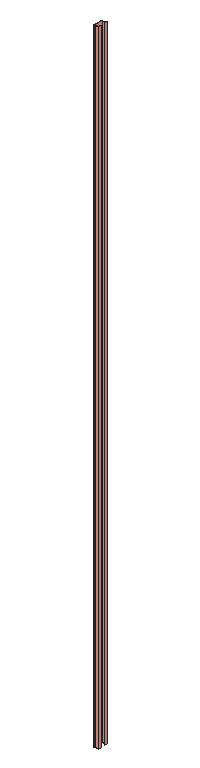
Revit family "GW_ガリッドスタッド t=3.2", category 一般モデル, Revit 2021
Family settings
  鉄筋をホスト可能 = いいえ
  丸型コネクタ寸法 = 直径を使用
  パーツ タイプ = 標準
  作業面ベース = いいえ
  常に垂直 = はい
  ロード時にボイドで切り取り = いいえ
  共有 = いいえ
  部屋計算ポイント = いいえ
Parameters
  長さ [instance] = 7000.0 mm
  製造元 = "双日建材株式会社"
  既定の高さ = 0.0 mm
  マテリアル = ガリッドスタッドt=3.2
  t = 3.2 mm
  H = 100.0 mm
  C = 20.0 mm
  A = 50.0 mm
Reference planes
  plane 1 "中心(正面/背面)": y = 0
  plane 2: z = 0
  plane 3 "中心(左/右)": x = 0
  plane 4: y = 30
  plane 5: y = 50
  plane 6: y = -30
  plane 7: y = -50
  plane 8: y = -46.8
  plane 9: y = 46.8
  plane 10: z = 7000
  plane 11: x = 50
  plane 12: x = 46.8
  plane 13: x = 3.2
Forms (mm)
  Extrusion 1, solid, material "ガリッドスタッドt=3.2" <- "マテリアル"
    sketch origin (0, 0, 0) x (-1, 0, 0) y (0, -1, 0)
      loop
        line (-46.8, 30) -> (-46.8, 46.8) -> (-3.2, 46.8) -> (-3.2, -46.8) -> (-46.8, -46.8) -> (-46.8, -30) -> (-50, -30) -> (-50, -50) -> (0, -50) -> (0, 50) -> (-50, 50) -> (-50, 30) -> (-46.8, 30)
    from 0 to 7000
Dimensions and locks
  "H": plane 7 to plane 5
  "C": plane 4 to plane 5
  "C": plane 7 to plane 6
  equal spacing: plane 7, plane 1 "中心(正面/背面)", plane 5
  "t": plane 7 to plane 8
  "t": plane 9 to plane 5
  "長さ": plane 10 to level
  "A": plane 3 "中心(左/右)" to plane 11
  "t": plane 12 to plane 11
  "t": plane 3 "中心(左/右)" to plane 13
  aligned and locked: level to plane 2
  aligned and locked: Extrusion 1 sketch curve to plane 11  (x2)
  aligned and locked: Extrusion 1 to plane 6
  aligned and locked: plane 12 to Extrusion 1 sketch curve
  aligned and locked: Extrusion 1 sketch curve to plane 4
  aligned and locked: Extrusion 1 sketch curve to plane 12
  aligned and locked: plane 6 to Extrusion 1 sketch curve
  aligned and locked: plane 8 to Extrusion 1 sketch curve
  aligned and locked: Extrusion 1 sketch curve to plane 7
  aligned and locked: Extrusion 1 sketch curve to plane 13
  aligned and locked: plane 3 "中心(左/右)" to Extrusion 1 sketch curve
  aligned and locked: plane 5 to Extrusion 1 sketch curve
  aligned and locked: Extrusion 1 sketch curve to plane 9
  aligned and locked: plane 10 to Extrusion 1
